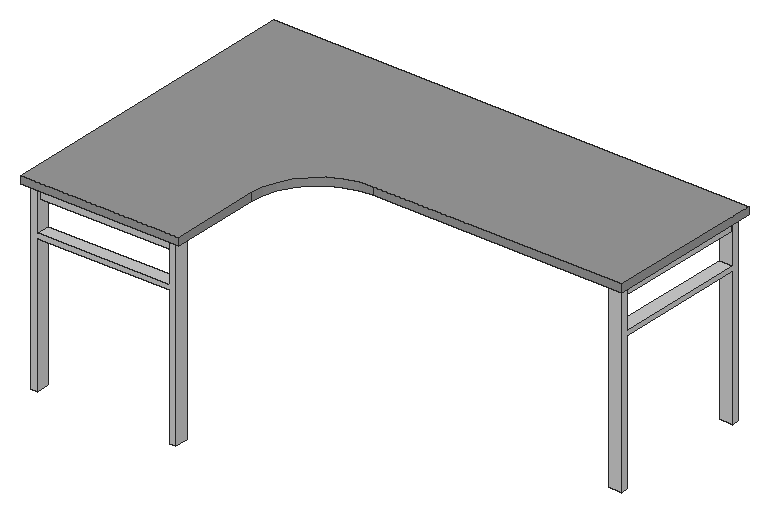
Revit family "Haworth_Compose_Worksurface_Corner90Extended", category Furniture Systems, Revit 2018
Family settings
  Round Connector Dimension = Use Diameter
  Part Type = Normal
  OmniClass Number = 23.40.70.14.64.21
  OmniClass Title = Systems Furniture
  Work Plane-Based = No
  Always vertical = Yes
  Cut with Voids When Loaded = No
  Shared = No
  Room Calculation Point = No
Parameters (values of type "72L 48w 24d")
  Worksurface Finish = Haworth _ Laminate _ Undecided _ Panel
  Worksurface Edge Finish = Haworth _ Laminate _ Undecided _ Panel
  Width = 48"
  Warranty = "http://www.haworth.com/resources/product-info/warranties"
  URL - Product = "http://www.haworth.com/products/workspaces/panel-based/compose"
  Sustainability Info = "http://media.haworth.com/asset/2999/Compose%20PEDS.pdf"
  Support Right [instance] = and(Right Leg, or(Support Panel, Support Post_90 Degree, Support Post_45 Degree, Double Support Leg, Cantilever Bracket, Shared Cantilever Bracket))  # yes
  Support Post_90 Degree = no
  Support Post_45 Degree = no
  Support Post Right [instance] = and(Right Leg, or(Support Post_45 Degree, Support Post_90 Degree))  # no
  Support Post Left [instance] = and(Left Leg, or(Support Post_45 Degree, Support Post_90 Degree))  # no
  Support Panel = not(or(Support Post_90 Degree, Support Post_45 Degree, Shared Cantilever Bracket, Double Support Leg, Cantilever Bracket))  # no
  Support Left [instance] = and(Left Leg, or(Support Panel, Support Post_90 Degree, Support Post_45 Degree, Double Support Leg, Cantilever Bracket, Shared Cantilever Bracket))  # yes
  Support Finish = Haworth _ Paint _ Undecided _ Panel
  Support End Right [instance] = and(Right Leg, or(Double Support Leg, Support Panel, Shared Cantilever Bracket, Cantilever Bracket))  # yes
  Support End Left [instance] = and(Left Leg, or(Double Support Leg, Support Panel, Shared Cantilever Bracket, Cantilever Bracket))  # yes
  Shared Cantilever Bracket = no
  Right Leg [instance] = yes
  Radius = if(and(Depth > 24", Width < 42"), 4 1/4", 10 1/4")  # 10 1/4"
  No Legs [instance] = not(or(Left Leg, Right Leg))  # no
  Model = "WUCP"  # constant formula
  Min. Height = 26"  # constant formula
  Min. Width = 36"  # constant formula
  Min. Depth = 18"  # constant formula
  Max. Height = 48"  # constant formula
  Max. Width = 60"  # constant formula
  Max. Depth = 30"  # constant formula
  Length = 72"
  URL = "www.haworth.com"
  Support Height = Actual Height - Top Thickness  # 27 13/16"
  Size = "Verify Final Dim. w/ Haworth"  # constant formula
  Revision Number = "3"  # constant formula
  Min/Max Length = "36-72 in. @ 6 in. increments"  # constant formula
  Min. Length = 36"  # constant formula
  Max. Length = 72"  # constant formula
  Manufacturer = "Haworth"  # constant formula
  Left Leg [instance] = yes
  Height = 29"
  End Support Location = if(Support Panel, 3/4", 1 3/4")  # 1 3/4"
  Double Support Leg = yes
  Description = "Haworth - Worksurface Compose Corner - 90 Extended"  # constant formula
  Depth Narrow = 24"
  Depth = 24"
  Custom Size = not(and(and(not(Height > 32"), not(Height < 26")), or(Depth = 18", Depth = 24", Depth = 30"), or(Width = 36", Width = 42", Width = 48", Width = 54", Width = 60"), or(Length = 30", Length = 42", Length = 48", Length = 54", Length = 60", Length = 66", Length = 72")))  # no
  Cantilever Bracket Location = 2"  # constant formula
  Cantilever Bracket = no
  Author = "Haworth (Hampton)"  # constant formula
  Assembly Code = "E2020200"
  Actual Width = if(Width > Max. Width, Max. Width, if(Width < Min. Width, Min. Width, Width))  # 48"
  Actual Length = if(Length > Max. Length, Max. Length, if(Length < Min. Length, Min. Length, Length))  # 72"
  Actual Height = if(Height > Max. Height, Max. Height, if(Height < Min. Height, Min. Height, Height))  # 29"
  Top Thickness = 1 3/16"  # constant formula
  Min/Max Width = "36, 42, 48 in."  # constant formula
  Standard Depths = "18, 24, 30 in."  # constant formula
  Actual Depth = if(Depth > Max. Depth, Max. Depth, if(Depth < Min. Depth, Min. Depth, Depth))  # 24"
Reference planes (in)
  plane 1 "Center F/B": y = -6
  plane 2 "Floor": z = 0
  plane 3 "Center L/R": x = 6
  plane 4 "Top": z = 29
  plane 5 "Table Bottom": z = 27.8125
  plane 6 "Back": y = 6
  plane 7 "Left": x = -30
  plane 8 "Inside Front": y = -18
  plane 9 "Right": x = 42
  plane 10 "Front": y = -42
  plane 11 "Inside Right": x = -6
  plane 12: x = -18
  plane 13 "masking region": z = 27
Forms (in)
  Extrusion 1, solid, material "Haworth _ Laminate _ Undecided _ Panel" <- "Worksurface Finish"
    sketch origin (3.8345, -23.54284, 0) x (-1, 0, 0) y (0, -1, 0)
      loop
        line (-38.1655, -29.54284) -> (33.8345, -29.54284) -> (33.8345, 18.45716) -> (9.8345, 18.45716) -> (9.8345, 4.70716)
        arc (9.8345, 4.70716) -> (6.83234, -2.54069) -> (-0.4155, -5.54284) r 10.25
        line (-0.4155, -5.54284) -> (-38.1655, -5.54284) -> (-38.1655, -29.54284)
    from 27.8125 to 29
Lines and regions (in)
  Masking region 1
    outline origin (0, 0, 27) x (0, -1, 0) y (1, 0, 0)
      loop
        line (-6, 42) -> (-6, -30) -> (42, -30) -> (42, -6) -> (28.25, -6)
        arc (28.25, -6) -> (21.00216, -2.99784) -> (18, 4.25) r 10.25
        line (18, 4.25) -> (18, 42) -> (-6, 42)
Dimensions and locks (in)
  "Actual Height": plane 4 "Top" to level
  "Top Thickness": plane 4 "Top" to plane 5 "Table Bottom"
  "Actual Length": plane 9 "Right" to plane 7 "Left"
  equal spacing: plane 9 "Right", plane 3 "Center L/R", plane 7 "Left"
  equal spacing: plane 6 "Back", plane 1 "Center F/B", plane 8 "Inside Front"
  "Actual Depth": plane 6 "Back" to plane 8 "Inside Front"
  "Depth Narrow": plane 7 "Left" to plane 11 "Inside Right"
  "Actual Width": plane 6 "Back" to plane 10 "Front"
  equal spacing: plane 7 "Left", plane 12, plane 11 "Inside Right"
  "End Support Location": nested 1 to plane 10 "Front"
  locked: nested 2 to plane 10 "Front" at 3
  locked: nested 2 to plane 11 "Inside Right" at 3
  locked: plane 8 "Inside Front" to nested 4 at 3
  locked: nested 4 to plane 9 "Right" at 3
  "End Support Location": nested 3 to plane 9 "Right"
  locked: plane 4 "Top" to plane 13 "masking region" at 2
  locked: nested 6 to plane 9 "Right" at 0.125
  locked: Extrusion 1 to nested 5 at 0.125
  locked: Extrusion 1 to nested 6 at 0.625
  locked: Extrusion 1 to nested 5 at 0.625
  "Radius": radius of Extrusion 1 sketch curve
  aligned: plane 1 "Center F/B" to nested 1
  aligned and locked: plane 6 "Back" to Extrusion 1
  aligned and locked: plane 9 "Right" to Extrusion 1
  aligned and locked: plane 8 "Inside Front" to Extrusion 1 sketch curve
  aligned and locked: Extrusion 1 sketch curve to plane 11 "Inside Right"
  aligned and locked: Extrusion 1 sketch curve to plane 10 "Front"
  aligned and locked: plane 7 "Left" to Extrusion 1 sketch curve
  aligned and locked: Extrusion 1 to nested 1  (x2)
  aligned and locked: Extrusion 1 to plane 4 "Top"
  aligned and locked: plane 5 "Table Bottom" to Extrusion 1
  aligned and locked: Masking region 1 sketch curve to Extrusion 1
  aligned and locked: nested 3 to plane 1 "Center F/B"
  aligned and locked: nested 5 to nested 7
  aligned and locked: plane 9 "Right" to nested 8
  aligned and locked: plane 7 "Left" to nested 7
  aligned and locked: nested 8 to plane 6 "Back"
Automatic sketch dimensions
  Extrusion 1 sketch curve to plane 6 "Back" = 0"
  Extrusion 1 sketch curve to plane 9 "Right" = 0"
  Masking region 1 sketch curve to plane 6 "Back" = 0"
  Masking region 1 sketch curve to plane 10 "Front" = 0"
  Masking region 1 sketch curve to plane 7 "Left" = 0"
  Masking region 1 sketch curve to plane 9 "Right" = 0"
Nested families (in)
  nested 1: "Haworth_Worksurface-Support_Part-End" at (-22.86431, -48.75, 0) x (0, 1, 0) z (0, 0, 1), visible <- "Left Leg", type "Support"
    with Worksurface Depth 24", Support Double Leg yes, Leg Support yes, Actual Depth 24"
  nested 2: "Haworth_Worksurface-Support_Part-Leg" at (-30.23931, -47.5, 0) x (0, 1, 0) z (0, 0, 1), visible <- "Support Post Left", type "Support"
  nested 3: "Haworth_Worksurface-Support_Part-End" at (31.75, -1.13569, 0), visible <- "Right Leg", type "Support"
    with Worksurface Depth 24", Support Double Leg yes, Leg Support yes, Actual Depth 24"
  nested 4: "Haworth_Worksurface-Support_Part-Leg" at (30.5, 6.23931, 0), visible <- "Support Post Right", type "Support"
  nested 5: "Haworth_Worksurface-Support_Part-Cantilever-Compose" at (-22.86431, -50.32813, -1.1875) x (0, 1, 0) z (0, 0, 1), visible <- "Left Leg", type "Support"
    with Top Thickness 0", Support Height 29", Cantilever Bracket no, Actual Top Thickness 1", Actual Depth 24"
  nested 6: "Haworth_Worksurface-Support_Part-Cantilever-Compose" at (50.32813, -1.13569, -1.1875) x (-1, 0, 0) z (0, 0, 1), visible <- "Right Leg", type "Support"
    with Top Thickness 0", Support Height 29", Cantilever Bracket no, Actual Top Thickness 1", Actual Depth 24"
  nested 7: "Haworth_Worksurface-Support_Part-Shared-Cantilever-Compose" at (-22.86431, -50.32813, -1.1875) x (0, 1, 0) z (0, 0, 1), visible <- "Left Leg", type "Support"
    with Cantilever Bracket no
  nested 8: "Haworth_Worksurface-Support_Part-Shared-Cantilever-Compose" at (33.54687, -1.13569, -1.1875), visible <- "Right Leg", type "Support"
    with Cantilever Bracket no
Definition of nested family "Haworth_Worksurface-Support_Part-End"
  Parameters
    Worksurface Height = 29"
    Worksurface Depth = 30"
    Warranty = ""
    URL - Product = ""
    URL = "www.haworth.com"
    Top Thickness = 1 3/16"
    Sustainability Info = ""
    Support Thickness = if(Support Panel, 1 1/2", 2")  # 2"
    Support Panel = no
    Support P Leg = no
    Support Height = Actual Height - Top Thickness  # 27 13/16"
    Support Finish = none
    Support Double Leg = no
    Size = "Verify Final Dim. w/ Haworth"  # constant formula
    Revision Number = "1"  # constant formula
    Model = "Worksurface"
    Min/Max Height = "26-32 in."  # constant formula
    Min/Max Depth = "18-36 in."  # constant formula
    Min. Height = 20"  # constant formula
    Min. Depth = 18"  # constant formula
    Max. Height = 48"  # constant formula
    Max. Depth = 36"  # constant formula
    Manufacturer = "Haworth"  # constant formula
    Leg Support = or(Support P Leg, Support Double Leg)  # no
    LEED Data = ""
    Description = "Worksurface Support End"  # constant formula
    Bottom Strut Thickness = 1"  # constant formula
    Bottom Strut Location = 9"  # constant formula
    Back Support Location = if(Support P Leg, 0", 1")  # 1"
    Author = "SHAPE Environments, LLC"  # constant formula
    Assembly Code = ""
    Actual Top Thickness = if(Top Thickness > 3", 3", if(Top Thickness < 1", 1", Top Thickness))  # 1 3/16"
    Actual Height = 29"
    Actual Depth = 30"
  Reference planes (in)
    plane 1: z = 0
    plane 2 "Center L/R": x = 8.5
    plane 3 "Support Left Edge": x = 7.5
    plane 4 "Support Right Edge": x = 9.5
    plane 5 "Back": y = 7.13569
    plane 6 "Front": y = -22.86431
    plane 7 "Support Top": z = 27.8125
    plane 8 "Mid Strut Top": z = 21.5625
    plane 9 "Mid Strut Bottom": z = 20.8125
    plane 10 "Top Strut Bottom": z = 26.0625
    plane 11 "Front Support Exterior": y = -21.86431
    plane 12 "Front Support Interior": y = -20.86431
    plane 13 "Back Support Interior": y = 5.13569
    plane 14 "Back Support Exterior": y = 6.13569
    plane 15 "Center F/B": y = -7.86431
  Forms (in)
    Extrusion 1, solid, material <- "Support Finish", visible <- "Support Panel"
      sketch origin (0, 0, 0) x (1, 0, 0) y (0, 1, 0)
        loop
          line (7.5, 7.13569) -> (7.5, -22.86431) -> (9.5, -22.86431) -> (9.5, 7.13569) -> (7.5, 7.13569)
      from 0 to 27.8125
    Extrusion 2, solid, material <- "Support Finish", visible <- "Support P Leg"
      sketch origin (8.5, 0, 0) x (0, 1, 0) y (0, 0, 1)
        loop
          line (6.13569, 20.8125) -> (6.13569, 27.8125) -> (5.13569, 27.8125) -> (5.13569, 21.5625) -> (-20.86431, 21.5625) -> (-20.86431, 27.8125) -> (-21.86431, 27.8125) -> (-21.86431, 0) -> (-20.86431, 0) -> (-20.86431, 20.8125) -> (6.13569, 20.8125)
      from -1 to 1
    Extrusion 3, solid, material <- "Support Finish", visible <- "Support Double Leg"
      sketch origin (8.5, 0, 0) x (0, 1, 0) y (0, 0, 1)
        loop
          line (5.13569, 20.8125) -> (5.13569, 0) -> (6.13569, 0) -> (6.13569, 27.8125) -> (5.13569, 27.8125) -> (5.13569, 21.5625) -> (-20.86431, 21.5625) -> (-20.86431, 27.8125) -> (-21.86431, 27.8125) -> (-21.86431, 0) -> (-20.86431, 0) -> (-20.86431, 20.8125) -> (5.13569, 20.8125)
      from -1 to 1
    Extrusion 4, solid, material <- "Support Finish", visible <- "Leg Support"
      sketch origin (8.5, 0, 0) x (0, 1, 0) y (0, 0, 1)
        loop
          line (5.13569, 27.8125) -> (-20.86431, 27.8125) -> (-20.86431, 26.0625) -> (5.13569, 26.0625) -> (5.13569, 27.8125)
      from -0.625 to 0.625
  Lines and regions (in)
    symbolic lines, visible <- "Support Double Leg", detail levels fine
      curve 1: line (7.5, 7.13569, 0) -> (9.5, 7.13569, 0)
      curve 6: line (7.5, -21.86431, 0) -> (7.5, 7.13569, 0)
      curve 7: line (9.5, -21.86431, 0) -> (7.5, -21.86431, 0)
      curve 8: line (9.5, 7.13569, 0) -> (9.5, -21.86431, 0)
    symbolic lines, visible <- "Support Panel", detail levels fine
      curve 2: line (7.5, -22.86431, 0) -> (7.5, 7.13569, 0)
      curve 3: line (9.5, -22.86431, 0) -> (7.5, -22.86431, 0)
      curve 4: line (9.5, 7.13569, 0) -> (9.5, -22.86431, 0)
      curve 9: line (7.5, 7.13569, 0) -> (9.5, 7.13569, 0)
    symbolic lines, visible <- "Support P Leg", detail levels fine
      curve 5: line (7.5, 7.13569, 0) -> (9.5, 7.13569, 0)
      curve 10: line (7.5, -21.86431, 0) -> (7.5, 7.13569, 0)
      curve 11: line (9.5, -21.86431, 0) -> (7.5, -21.86431, 0)
      curve 12: line (9.5, 7.13569, 0) -> (9.5, -21.86431, 0)
  Dimensions and locks (in)
    "Support Thickness": plane 3 "Support Left Edge" to plane 4 "Support Right Edge"
    equal spacing: plane 3 "Support Left Edge", plane 2 "Center L/R", plane 4 "Support Right Edge"
    "Actual Depth": plane 5 "Back" to plane 6 "Front"
    locked: plane 7 "Support Top" to plane 10 "Top Strut Bottom" at 1.75
    "Support Height": plane 7 "Support Top" to level
    "Back Support Location": plane 5 "Back" to plane 14 "Back Support Exterior"
    locked: plane 14 "Back Support Exterior" to plane 13 "Back Support Interior" at 1
    plane 12 "Front Support Interior" to plane 11 "Front Support Exterior" to plane 6 "Front" = 1" locked, 1" locked
    plane 7 "Support Top" to plane 9 "Mid Strut Bottom" = 7"
    locked: plane 8 "Mid Strut Top" to plane 9 "Mid Strut Bottom" at 0.75
    equal spacing: plane 5 "Back", plane 15 "Center F/B", plane 6 "Front"
    aligned and locked: plane 3 "Support Left Edge" to Extrusion 1 sketch curve
    aligned and locked: Extrusion 1 sketch curve to plane 5 "Back"
    aligned and locked: plane 6 "Front" to Extrusion 1 sketch curve
    aligned and locked: Extrusion 1 sketch curve to plane 4 "Support Right Edge"
    aligned and locked: plane 7 "Support Top" to Extrusion 1
    aligned: Extrusion 1 to level
    aligned and locked: Extrusion 1 to plane 7 "Support Top"
    aligned and locked: Extrusion 1 to plane 1
    aligned and locked: plane 1 to Extrusion 1
    aligned and locked: plane 9 "Mid Strut Bottom" to Extrusion 2 sketch curve
    aligned and locked: plane 8 "Mid Strut Top" to Extrusion 2 sketch curve
    aligned and locked: plane 12 "Front Support Interior" to Extrusion 2 sketch curve
    aligned and locked: plane 11 "Front Support Exterior" to Extrusion 2 sketch curve
    aligned and locked: plane 7 "Support Top" to Extrusion 2 sketch curve
    aligned and locked: level to Extrusion 2 sketch curve
    aligned and locked: plane 13 "Back Support Interior" to Extrusion 3 sketch curve
    aligned and locked: Extrusion 3 sketch curve to plane 13 "Back Support Interior"
    aligned and locked: Extrusion 3 sketch curve to plane 14 "Back Support Exterior"
    aligned and locked: Extrusion 3 sketch curve to plane 7 "Support Top"  (x2)
    aligned and locked: Extrusion 3 sketch curve to plane 11 "Front Support Exterior"
    aligned and locked: Extrusion 3 sketch curve to plane 12 "Front Support Interior"  (x2)
    aligned and locked: Extrusion 3 sketch curve to plane 9 "Mid Strut Bottom"
    aligned and locked: Extrusion 3 sketch curve to plane 8 "Mid Strut Top"
    aligned and locked: plane 3 "Support Left Edge" to Extrusion 3
    aligned and locked: plane 3 "Support Left Edge" to Extrusion 2
    aligned and locked: plane 4 "Support Right Edge" to Extrusion 3
    aligned and locked: plane 4 "Support Right Edge" to Extrusion 2
    aligned and locked: plane 13 "Back Support Interior" to Extrusion 2 sketch curve
    aligned and locked: Extrusion 2 sketch curve to plane 14 "Back Support Exterior"
    aligned and locked: plane 13 "Back Support Interior" to Extrusion 4 sketch curve
    aligned and locked: plane 10 "Top Strut Bottom" to Extrusion 4 sketch curve
    aligned and locked: plane 7 "Support Top" to Extrusion 4 sketch curve
    aligned and locked: plane 12 "Front Support Interior" to Extrusion 4 sketch curve
  Automatic sketch dimensions
    Extrusion 2 sketch curve to Extrusion 2 sketch curve = 0"
    Extrusion 2 sketch curve to plane 7 "Support Top" = 0"
    Extrusion 3 sketch curve to level = 0"  (x2)
    curve 10 to plane 3 "Support Left Edge" = 0"
    curve 7 to plane 4 "Support Right Edge" = 0"
    curve 3 to plane 6 "Front" = 0"
    plane 11 "Front Support Exterior" to curve 11 = 0"
    curve 9 to plane 5 "Back" = 0"
Definition of nested family "Haworth_Worksurface-Support_Part-Leg"
  Parameters
    Top Thickness = 1 3/16"
    Support Post Standard = no
    Support Post 45 Degree = no
    Support Height = Actual Height - Top Thickness  # 27 13/16"
    Model = "Worksurface"
    Worksurface Height = 29"
    Warranty = "www.haworth.com/en-us/Products/Pages/Certifications.aspx"
    URL - Product = "www.haworth.com/en-us/Products/Furniture/Systems/Desking-Systems/Pages/Compose.aspx"
    URL = "www.haworth.com"
    Sustainability Info = "www.haworth.com/en-us/About-Us/Sustainability/Pages/Vision.aspx"
    Support Finish = none
    Size = "Verify Final Dim. w/ Haworth"  # constant formula
    Revision Number = "1"  # constant formula
    Min/Max Height = "26-32 in."  # constant formula
    Min. Height = 20"  # constant formula
    Max. Height = 48"  # constant formula
    Manufacturer = "Haworth"  # constant formula
    LEED Data = "www.haworth.com/_layouts/Haworth.ProductCatalog/Handlers/GetAsset.ashx/ComposeLEEDContributions.pdf?cid=27&rid=1824&type=Leed"
    Description = "Worksurface Support"  # constant formula
    Author = "SHAPE Environments, LLC"  # constant formula
    Assembly Code = "E2020200"
    Actual Top Thickness = if(Top Thickness > 3", 3", if(Top Thickness < 1", 1", Top Thickness))  # 1 3/16"
    Actual Height = 29"
  Reference planes (in)
    plane 1: z = 0
    plane 2 "Center L/R": x = 8.5
    plane 3 "Support Top": z = 27.8125
    plane 4 "Center F/B": y = -21.23931
  Forms (in)
    Extrusion 1, solid, material <- "Support Finish", visible <- "Support Post Standard"
      sketch origin (0, 0, 0) x (1, 0, 0) y (0, 1, 0)
        loop
          line (7.75, -22.86431) -> (9.25, -22.86431) -> (9.25, -19.61431) -> (7.75, -19.61431) -> (7.75, -22.86431)
      from 0 to 27.8125
    Extrusion 2, solid, material <- "Support Finish", visible <- "Support Post 45 Degree"
      sketch origin (17.50805, -0.21044, 0) x (0.707107, -0.707107, 0) y (0.707107, 0.707107, 0)
        loop
          line (7.75, -22.86431) -> (9.25, -22.86431) -> (9.25, -19.61431) -> (7.75, -19.61431) -> (7.75, -22.86431)
      from 0 to 27.8125
  Lines and regions (in)
    symbolic lines, visible <- "Support Post Standard", detail levels fine
      curve 1: line (7.75, -19.61431, 0) -> (9.25, -19.61431, 0)
      curve 2: line (7.75, -22.86431, 0) -> (7.75, -19.61431, 0)
      curve 3: line (9.25, -22.86431, 0) -> (7.75, -22.86431, 0)
      curve 4: line (9.25, -19.61431, 0) -> (9.25, -22.86431, 0)
    symbolic lines, visible <- "Support Post 45 Degree", detail levels fine
      curve 5: line (6.82062, -21.85803, 0) -> (9.11872, -19.55993, 0)
      curve 6: line (9.11872, -19.55993, 0) -> (10.17938, -20.62059, 0)
      curve 7: line (10.17938, -20.62059, 0) -> (7.88128, -22.91869, 0)
      curve 8: line (7.88128, -22.91869, 0) -> (6.82062, -21.85803, 0)
  Dimensions and locks (in)
    "Support Height": plane 3 "Support Top" to level
    aligned and locked: plane 3 "Support Top" to Extrusion 1
    aligned and locked: plane 3 "Support Top" to Extrusion 2
  Automatic sketch dimensions
    Extrusion 1 sketch curve to plane 4 "Center F/B" = 1 5/8"
    plane 2 "Center L/R" to Extrusion 1 sketch curve = 3/4"
    Extrusion 1 sketch curve to plane 2 "Center L/R" = 3/4"
    plane 4 "Center F/B" to Extrusion 1 sketch curve = 1 5/8"
    plane 2 "Center L/R" to Extrusion 2 sketch curve = 0.61872"
    Extrusion 2 sketch curve to plane 4 "Center F/B" = 1.67938"
    Extrusion 2 sketch curve to Extrusion 2 sketch curve = 1 1/2"
    Extrusion 2 sketch curve to Extrusion 2 sketch curve = 3 1/4"
    plane 4 "Center F/B" to curve 5 = 0.61872"
    curve 2 to plane 2 "Center L/R" = 3/4"
    curve 2 to curve 7 = 0.13128"
    plane 2 "Center L/R" to curve 6 = 0.61872"
    curve 5 to curve 4 = 0.13128"
    curve 6 to plane 4 "Center F/B" = 0.61872"
    curve 1 to curve 6 = 0.92938"
    curve 7 to curve 2 = 0.05438"
    curve 1 to curve 5 = 0.05438"
Definition of nested family "Haworth_Worksurface-Support_Part-Cantilever-Compose"
  Parameters
    Worksurface Height = 29"
    Worksurface Depth = 30"
    Warranty = ""
    URL - Product = ""
    URL = "www.haworth.com"
    Top Thickness = 1 3/16"
    Sustainability Info = ""
    Support Thickness = 3/32"  # constant formula
    Support Height = Actual Height - Top Thickness  # 27 13/16"
    Support Finish = none
    Support Depth = 16"  # constant formula
    Size = "Verify Final Dim. w/ Haworth"  # constant formula
    Revision Number = "1"  # constant formula
    Model = "Worksurface"
    Standard Height = "12.75 in."  # constant formula
    Standard Depth = "15.75 in."  # constant formula
    Min. Height = 20"  # constant formula
    Min. Depth = 18"  # constant formula
    Max. Height = 48"  # constant formula
    Max. Depth = 36"  # constant formula
    Manufacturer = "Haworth"  # constant formula
    LEED Data = ""
    Description = "Worksurface Support End"  # constant formula
    Cantilever Bracket = yes
    Bottom Strut Thickness = 1"  # constant formula
    Bottom Strut Location = 9"  # constant formula
    Author = "SHAPE Environments, LLC"  # constant formula
    Assembly Code = ""
    Actual Top Thickness = if(Top Thickness > 3", 3", if(Top Thickness < 1", 1", Top Thickness))  # 1 3/16"
    Actual Height = 29"
    Actual Depth = 30"
  Reference planes (in)
    plane 1: z = 0
    plane 2 "Center L/R": x = 8.5
    plane 3 "Support Left Edge": x = 8.45312
    plane 4 "Support Right Edge": x = 8.54688
    plane 5 "Back": y = 7.13569
    plane 6 "Front": y = -8.86431
    plane 7 "Support Top": z = 27.8125
  Forms (in)
    Extrusion 1, solid, material <- "Support Finish", visible <- "Cantilever Bracket"
      sketch origin (8.45312, 0, 0) x (0, -1, 0) y (0, 0, 1)
        loop
          line (-7.13569, 27.71875) -> (-7.13569, 18.71875) -> (-6.51069, 18.71875) -> (8.86431, 27.23304) -> (8.86431, 27.71875) -> (-7.13569, 27.71875)
        loop
          line (-2.13709, 26.21875) -> (-3.85577, 26.21875)
          arc (-3.85577, 26.21875) -> (-3.91832, 26.2108) -> (-3.97688, 26.18745) r 0.25
          line (-3.97688, 26.18745) -> (-5.94171, 25.09938)
          arc (-5.94171, 25.09938) -> (-5.99206, 25.0533) -> (-6.01069, 24.98764) r 0.125
          line (-6.01069, 24.98764) -> (-6.01069, 24.06204)
          arc (-6.01069, 24.06204) -> (-5.88914, 23.84756) -> (-5.64268, 23.84164) r 0.25
          line (-5.64268, 23.84164) -> (-2.03161, 25.84136)
          arc (-2.03161, 25.84136) -> (-1.94116, 26.07007) -> (-2.13709, 26.21875) r 0.20343
      from 0 to -0.09375
    Extrusion 2, solid, material <- "Support Finish", visible <- "Cantilever Bracket"
      sketch origin (0, 0, 27.8125) x (-1, 0, 0) y (0, -1, 0)
        loop
          line (-8.45313, -6.51069) -> (-8.45312, 8.86431) -> (-10.07812, 8.86431) -> (-10.07813, -6.51069) -> (-8.45313, -6.51069)
      from 0 to -0.09375
  Cuts and joins
    joined: Extrusion 1, Extrusion 2
  Lines and regions (in)
    symbolic lines, visible <- "Cantilever Bracket", detail levels fine
      curve 1: line (8.45312, 7.13569, 0) -> (8.54688, 7.13569, 0)
      curve 2: line (8.45312, -8.86431, 0) -> (8.45312, 7.13569, 0)
      curve 3: line (10.07813, -8.86431, 0) -> (8.45312, -8.86431, 0)
      curve 4: line (8.54688, 7.13569, 0) -> (8.54688, 6.51069, 0)
      curve 5: line (8.54688, 6.51069, 0) -> (10.07813, 6.51069, 0)
      curve 6: line (10.07813, 6.51069, 0) -> (10.07813, -8.86431, 0)
  Dimensions and locks (in)
    "Support Thickness": plane 3 "Support Left Edge" to plane 4 "Support Right Edge"
    equal spacing: plane 3 "Support Left Edge", plane 2 "Center L/R", plane 4 "Support Right Edge"
    "Support Depth": plane 5 "Back" to plane 6 "Front"
    "Support Height": plane 7 "Support Top" to level
    locked: Extrusion 1 sketch curve to Extrusion 1 sketch curve at 9
    locked: Extrusion 1 sketch curve to Extrusion 1 sketch curve at 1.125
    locked: Extrusion 1 sketch curve to Extrusion 1 sketch curve at 1.5
    aligned and locked: plane 4 "Support Right Edge" to Extrusion 1
    aligned and locked: plane 7 "Support Top" to Extrusion 2
  Automatic sketch dimensions
    Extrusion 2 sketch curve to plane 6 "Front" = 0"
    Extrusion 2 sketch curve to plane 3 "Support Left Edge" = 0"
    plane 4 "Support Right Edge" to Extrusion 2 sketch curve = 1 17/32"
    Extrusion 2 sketch curve to plane 5 "Back" = 5/8"
    Extrusion 1 sketch curve to plane 5 "Back" = 0"
    Extrusion 1 sketch curve to plane 6 "Front" = 0"
    Extrusion 1 sketch curve to plane 5 "Back" = 5/8"
    Extrusion 1 sketch curve to Extrusion 1 sketch curve = 0.06898"
    Extrusion 1 sketch curve to Extrusion 1 sketch curve = 1/8"
    Extrusion 1 sketch curve to Extrusion 1 sketch curve = 1/4"  (x2)
    Extrusion 1 sketch curve to Extrusion 1 sketch curve = 0.11801"
    Extrusion 1 sketch curve to Extrusion 1 sketch curve = 1 247/256"
    Extrusion 1 sketch curve to Extrusion 1 sketch curve = 31/256"
    Extrusion 1 sketch curve to Extrusion 1 sketch curve = 1.71868"
    Extrusion 1 sketch curve to Extrusion 1 sketch curve = 27/256"
    Extrusion 1 sketch curve to plane 7 "Support Top" = 9 3/32"
    Extrusion 1 sketch curve to Extrusion 1 sketch curve = 2.37711"
    Extrusion 1 sketch curve to Extrusion 1 sketch curve = 0.9256"
    Extrusion 1 sketch curve to Extrusion 1 sketch curve = 0.37739"
    Extrusion 1 sketch curve to Extrusion 1 sketch curve = 0.48571"
    curve 3 to plane 3 "Support Left Edge" = 0"
    curve 1 to plane 4 "Support Right Edge" = 0"
    curve 6 to plane 6 "Front" = 0"
    curve 4 to plane 5 "Back" = 0"
    curve 6 to plane 5 "Back" = 5/8"
    plane 4 "Support Right Edge" to curve 6 = 1 17/32"
Definition of nested family "Haworth_Worksurface-Support_Part-Shared-Cantilever-Compose"
  Parameters
    Worksurface Height = 29"
    Worksurface Depth = 30"
    Warranty = ""
    URL - Product = ""
    URL = "www.haworth.com"
    Top Thickness = 0"
    Sustainability Info = ""
    Support Thickness = 3/32"  # constant formula
    Support Height = Actual Height - Top Thickness  # 29"
    Support Finish = none
    Support Depth = 16"  # constant formula
    Size = "Verify Final Dim. w/ Haworth"  # constant formula
    Revision Number = "1"  # constant formula
    Model = "Worksurface"
    Standard Height = "12.75 in."  # constant formula
    Standard Depth = "15.75 in."  # constant formula
    Min. Height = 20"  # constant formula
    Min. Depth = 18"  # constant formula
    Max. Height = 48"  # constant formula
    Max. Depth = 36"  # constant formula
    Manufacturer = "Haworth"  # constant formula
    LEED Data = ""
    Description = "Worksurface Support End"  # constant formula
    Cantilever Bracket = yes
    Bottom Strut Thickness = 1"  # constant formula
    Bottom Strut Location = 9"  # constant formula
    Author = "SHAPE Environments, LLC"  # constant formula
    Assembly Code = ""
    Actual Top Thickness = if(Top Thickness > 3", 3", if(Top Thickness < 1", 1", Top Thickness))  # 1"
    Actual Height = 29"
    Actual Depth = 24"
  Reference planes (in)
    plane 1: z = 0
    plane 2 "Center L/R": x = 8.5
    plane 3 "Support Left Edge": x = 8.45312
    plane 4 "Support Right Edge": x = 8.54688
    plane 5 "Back": y = 7.13569
    plane 6 "Front": y = -8.86431
    plane 7 "Support Top": z = 29
  Forms (in)
    Extrusion 1, solid, material <- "Support Finish", visible <- "Cantilever Bracket"
      sketch origin (8.45312, 0, 0) x (0, -1, 0) y (0, 0, 1)
        loop
          line (-7.13569, 28.90625) -> (-7.13569, 19.90625) -> (-6.51069, 19.90625) -> (8.86431, 28.42054) -> (8.86431, 28.90625) -> (-7.13569, 28.90625)
        loop
          line (-2.13709, 27.40625) -> (-3.85577, 27.40625)
          arc (-3.85577, 27.40625) -> (-3.91832, 27.3983) -> (-3.97688, 27.37495) r 0.25
          line (-3.97688, 27.37495) -> (-5.94171, 26.28688)
          arc (-5.94171, 26.28688) -> (-5.99206, 26.2408) -> (-6.01069, 26.17514) r 0.125
          line (-6.01069, 26.17514) -> (-6.01069, 25.24954)
          arc (-6.01069, 25.24954) -> (-5.88914, 25.03506) -> (-5.64268, 25.02914) r 0.25
          line (-5.64268, 25.02914) -> (-2.03161, 27.02886)
          arc (-2.03161, 27.02886) -> (-1.94116, 27.25757) -> (-2.13709, 27.40625) r 0.20343
      from 0 to -0.09375
    Extrusion 2, solid, material <- "Support Finish", visible <- "Cantilever Bracket"
      sketch origin (0, 0, 29) x (-1, 0, 0) y (0, -1, 0)
        loop
          line (-8.45313, -6.51069) -> (-8.45313, 8.86431) -> (-10.07813, 8.86431) -> (-10.07813, -6.51069) -> (-8.45313, -6.51069)
      from 0 to -0.09375
    Extrusion 3, solid, material <- "Support Finish", visible <- "Cantilever Bracket"
      sketch origin (-1.626, 0, 29) x (-1, 0, 0) y (0, -1, 0)
        loop
          line (-8.45313, -6.51069) -> (-8.45313, 8.86431) -> (-10.07813, 8.86431) -> (-10.07813, -6.51069) -> (-8.45313, -6.51069)
      from 0 to -0.09375
  Cuts and joins
    joined: Extrusion 1, Extrusion 2
  Lines and regions (in)
    symbolic lines, visible <- "Cantilever Bracket", detail levels fine
      curve 1: line (8.45312, 7.13569, 0) -> (8.54688, 7.13569, 0)
      curve 2: line (8.45312, -8.86431, 0) -> (8.45312, 7.13569, 0)
      curve 3: line (10.07813, -8.86431, 0) -> (8.45312, -8.86431, 0)
      curve 4: line (8.54688, 7.13569, 0) -> (8.54688, 6.51069, 0)
      curve 5: line (8.54688, 6.51069, 0) -> (10.07813, 6.51069, 0)
      curve 6: line (10.07813, 6.51069, 0) -> (10.07813, -8.86431, 0)
  Dimensions and locks (in)
    "Support Thickness": plane 3 "Support Left Edge" to plane 4 "Support Right Edge"
    equal spacing: plane 3 "Support Left Edge", plane 2 "Center L/R", plane 4 "Support Right Edge"
    "Support Depth": plane 5 "Back" to plane 6 "Front"
    "Support Height": plane 7 "Support Top" to level
    locked: Extrusion 1 sketch curve to Extrusion 1 sketch curve at 9
    locked: Extrusion 1 sketch curve to Extrusion 1 sketch curve at 1.125
    locked: Extrusion 1 sketch curve to Extrusion 1 sketch curve at 1.5
    aligned and locked: plane 4 "Support Right Edge" to Extrusion 1
    aligned and locked: plane 7 "Support Top" to Extrusion 2
  Automatic sketch dimensions
    curve 3 to plane 3 "Support Left Edge" = 0"
    curve 5 to plane 4 "Support Right Edge" = 0"
    curve 6 to plane 6 "Front" = 0"
    curve 4 to plane 5 "Back" = 0"
    curve 5 to plane 5 "Back" = 5/8"
    plane 4 "Support Right Edge" to curve 5 = 1 17/32"
    Extrusion 1 sketch curve to plane 5 "Back" = 0"
    Extrusion 1 sketch curve to plane 6 "Front" = 0"
    Extrusion 1 sketch curve to plane 5 "Back" = 5/8"
    Extrusion 1 sketch curve to Extrusion 1 sketch curve = 0.06898"
    Extrusion 1 sketch curve to Extrusion 1 sketch curve = 1/8"
    Extrusion 1 sketch curve to Extrusion 1 sketch curve = 1/4"  (x2)
    Extrusion 1 sketch curve to Extrusion 1 sketch curve = 0.11801"
    Extrusion 1 sketch curve to Extrusion 1 sketch curve = 1 247/256"
    Extrusion 1 sketch curve to Extrusion 1 sketch curve = 31/256"
    Extrusion 1 sketch curve to Extrusion 1 sketch curve = 1.71868"
    Extrusion 1 sketch curve to Extrusion 1 sketch curve = 27/256"
    Extrusion 1 sketch curve to plane 7 "Support Top" = 9 3/32"
    Extrusion 1 sketch curve to Extrusion 1 sketch curve = 2.37711"
    Extrusion 1 sketch curve to Extrusion 1 sketch curve = 0.9256"
    Extrusion 1 sketch curve to Extrusion 1 sketch curve = 0.37739"
    Extrusion 1 sketch curve to Extrusion 1 sketch curve = 0.48571"
    Extrusion 2 sketch curve to plane 6 "Front" = 0"
    Extrusion 2 sketch curve to plane 3 "Support Left Edge" = 0"
    plane 4 "Support Right Edge" to Extrusion 2 sketch curve = 1 17/32"
    Extrusion 2 sketch curve to plane 5 "Back" = 5/8"
    Extrusion 3 sketch curve to plane 6 "Front" = 0"
    plane 3 "Support Left Edge" to Extrusion 3 sketch curve = 0.001"
    Extrusion 3 sketch curve to Extrusion 3 sketch curve = 1 5/8"
    Extrusion 3 sketch curve to plane 5 "Back" = 5/8"
Types in the file's own list only (11): name | Width | Radius | Length | Depth Narrow | Depth | Custom Size | Actual Width | Actual Length | Actual Depth
  36L 36w 24d | 36" | 10 1/4" | 36" | 24" | 24" | Yes | 36" | 36" | 24"
  36L 36w 30d | 36" | 4 1/4" | 36" | 30" | 30" | Yes | 36" | 36" | 30"
  42L 42w 24d | 42" | 10 1/4" | 42" | 24" | 24" | No | 42" | 42" | 24"
  42L 42w 30d | 42" | 10 1/4" | 42" | 30" | 30" | No | 42" | 42" | 30"
  48L 48w 24d | 48" | 10 1/4" | 48" | 24" | 24" | No | 48" | 48" | 24"
  48L 48w 30d | 48" | 10 1/4" | 48" | 30" | 30" | No | 48" | 48" | 30"
  54L 48w 24d | 48" | 10 1/4" | 54" | 24" | 24" | No | 48" | 54" | 24"
  54L 54w 24d | 54" | 10 1/4" | 54" | 24" | 24" | No | 54" | 54" | 24"
  54L 54w 30d | 54" | 10 1/4" | 54" | 30" | 30" | No | 54" | 54" | 30"
  60L 48w 24d | 48" | 10 1/4" | 60" | 24" | 24" | No | 48" | 60" | 24"
  66L 48w 24d | 48" | 10 1/4" | 66" | 24" | 24" | No | 48" | 66" | 24"
